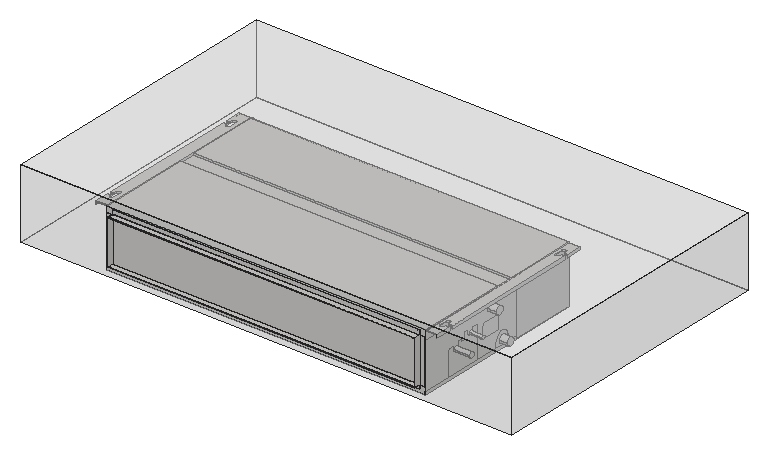
Revit family "outputfile", category 機械設備, Revit 2024
Family settings
  丸型コネクタ寸法 = 半径を使用
  パーツ タイプ = 標準
  OmniClass 番号 = 23.75.10.24.21.27.27
  OmniClass タイトル = Split System Air Conditioning Units
  作業面ベース = いいえ
  常に垂直 = はい
  ロード時にボイドで切り取り = いいえ
  注釈の向きを維持 = いいえ
  共有 = いいえ
  部屋計算ポイント = はい
Parameters (values of type "FXDQ63NDVM")
  書き出し IFC クラス(タイプ) = "IfcUnitaryEquipmentType"
  定義済み IFC タイプ(タイプ) = "AIRCONDITIONINGUNIT"
  ld_powersupply = Depth / 2  # 310.0 mm
  製造元 = "Daikin"
  モデル = "FXDQ63NDVM"
  r_Liquid Pipe Size = Liquid Pipe Size / 2  # 4.75 mm
  r_Gas Pipe Size = Gas Pipe Size / 2  # 7.95 mm
  r_Drain Pipe Size = Drain Pipe Size / 2  # 13.0 mm
  lw_powersupply = 50.0 mm  # constant formula
  lw_ductflange2 = 1020.0 mm
  lw_Width = 1060.0 mm
  lh_suctionflange [instance] = 100.0 mm  # constant formula
  ld_suctionflange [instance] = if(Rear Connection_Return Air, 190.0 mm, 100.0 mm)  # 190.0 mm
  angle_vertical_RA [instance] = if(Rear Connection_Return Air, 90.00°, 0.00°)  # 90.00°
  angle horizontal_RA [instance] = if(Rear Connection_Return Air, 180.00°, 270.00°)  # 180.00°
  Voltage_comment_60Hz = "220-240"
  Voltage_comment_50Hz = "220-240"
  Voltage_60Hz = 220 V
  Voltage_50Hz = 220 V
  Supply Air Direction [instance] = yes
  Rear Connection_Return Air [instance] = not(Bottom Connection_Return Air)  # yes
  RA_length [instance] = if(Rear Connection_Return Air, 190.0 mm, 100.0 mm)  # 190.0 mm
  Phase_60Hz = 1
  Phase_50Hz = 1
  Minimum External Static Pressure = 15.00 Pa
  Minimum Circuit Amps_60Hz = 1.1 A
  Minimum Circuit Amps_50Hz = 1.1 A
  Maximum Fuse Amps_60Hz = 16.0 A
  Maximum Fuse Amps_50Hz = 16.0 A
  Maximum External Static Pressure = 44.00 Pa
  Material_Casing = DAIKIN_GalvanizedSteel_Casing_indoorunit
  lw_liquidpipe = 46.0 mm  # constant formula
  lw_gaspipe = 57.0 mm  # constant formula
  lw_mountinghole = 1140.0 mm
  lw_drainpipe = 33.0 mm  # constant formula
  lh_powersupply = 150.0 mm  # constant formula
  lh_liquidpipe = 90.0 mm  # constant formula
  lh_gaspipe = 113.0 mm  # constant formula
  lh_mountinghole = Height  # 200.0 mm
  lh_drainpipe = 50.0 mm  # constant formula
  lh_antena = 1.0 mm  # constant formula
  ld_liquidpipe = 193.0 mm  # constant formula
  ld_gaspipe = 130.0 mm  # constant formula
  ld_mountinghole = 500.0 mm  # constant formula
  ld_drainpipe = 280.0 mm  # constant formula
  ld_controlbox = 626.0 mm  # constant formula
  h*** = 0.0 mm  # constant formula
  d_dischargeflange = 21.2 mm  # constant formula
  Width = 1100.0 mm
  Version = "ver.1.0"
  Unit Type = "Duct_Slim"
  Unit Mass Weight = 31.00 kg
  Unit Designation [instance] = ""
  Uniclass2015Version = "Products v1.30"
  Uniclass2015Title = "Variable refrigerant flow units"
  Uniclass2015Code = "Pr_70_65_03_94"
  Total Heating Capacity [instance] = 0.000 kW
  Total Cooling Capacity [instance] = 0.000 kW
  Sound Pressure Level_L speed (dBA) = 32
  Sound Pressure Level_H speed (dBA) = 34
  Series = "VRV Fan Coil Unit"
  Sensible Cooling Capacity [instance] = 0.000 kW
  SA Duct Size Width = 1060.0 mm
  SA Duct Size Height = 153.0 mm
  Refrigerant Type = "R410A"
  RA Duct Size Width = 980.0 mm
  RA Duct Size Height = 160.0 mm
  Power Input (Heating) = 0.168 kW
  Power Input (Cooling) = 0.181 kW
  Option Accessory 3 [instance] = ""
  Option Accessory 2 [instance] = ""
  Option Accessory 1 [instance] = ""
  Nominal Heating Capacity = 8.000 kW
  Nominal Cooling Capacity = 7.100 kW
  Minimum Airflow = 780.00 m³/h
  Median Airflow = 0.00 m³/h
  Maximum Airflow = 870.00 m³/h
  Load Classification = HVAC
  Liquid Pipe Size = 9.5 mm
  Link_Nested Family [instance] = ""
  IfcVersion = ""
  IfcExportType = "AIRCONDITIONINGUNIT"
  IfcExportAs = "IfcUnitaryEquipmentType"
  Height = 200.0 mm
  Heating Entering Wet Bulb Temperature [instance] = 0.00 °C
  Heating Entering Dry Bulb Temperature [instance] = 0.00 °C
  Heating Ambient Wet Bulb Temperature [instance] = 0.00 °C
  Heating Ambient Dry Bulb Temperature [instance] = 0.00 °C
  Heat Exchanger Type = "Cross Fin Coil"
  Gas Pipe Size = 15.9 mm
  Frequency_60Hz = 60 Hz
  Frequency_50Hz = 50 Hz
  Fan Type = "Sirocco Fan"
  Fan Drive = "Direct Drive"
  FCU Tag No. [instance] = ""
  Drain Pipe Size = 26.0 mm
  Design Supply Airflow [instance] = 0.00 m³/h
  Design Return Airflow [instance] = 0.00 m³/h
  Design External Static Pressure [instance] = 0.00 Pa
  Depth = 620.0 mm
  既定の高さ = 0.0 mm
  Cooling Entering Wet Bulb Temperature [instance] = 0.00 °C
  Cooling Entering Dry Bulb Temperature [instance] = 0.00 °C
  Cooling Ambient Wet Bulb Temperature [instance] = 0.00 °C
  Cooling Ambient Dry Bulb Temperature [instance] = 0.00 °C
  Clearance visibility [instance] = yes
  Clearance Top = 20.0 mm
  Clearance Right = 300.0 mm
  Clearance Rear = 400.0 mm
  Clearance Left = 300.0 mm
  Clearance Front = 0.0 mm
  Clearance Bottom = 20.0 mm
  Bottom Connection_Return Air [instance] = no
  1111 = 32.652 mm
Reference planes
  plane 1 "Center (Front/Back)": y = 0
  plane 2: z = 0
  plane 3 "Center (Left/Right)": x = 0
  plane 4 "Back": y = 310
  plane 5 "Front": y = -310
  plane 6 "Left": x = -550
  plane 7 "Right": x = 550
  plane 8 "Top": z = 0
  plane 9 "Bottom": z = -200
  plane 10: x = -570
  plane 11: x = 570
  plane 12: y = 250
  plane 13: z = 0
  plane 14 "Clearance Left": x = -850
  plane 15 "Clearance Right": x = 850
  plane 16 "Clearance Rear": y = 710
  plane 17 "Clearance Front": y = -310
  plane 18 "Clearance Top": z = 20
  plane 19 "Clearance Bottom": z = -220
  plane 20: y = -250
  plane 21: z = -21
  plane 22: z = -97.5
  plane 23: x = -40
  plane 24: y = 120
  plane 25: z = -100
  plane 26: y = -180
  plane 27: z = -113
  plane 28: y = -117
  plane 29: z = -90
  plane 30: y = 20
  plane 31: z = -170
  plane 32: x = 607
  plane 33: x = 596
  plane 34: x = 580
  plane 35: x = 500
  plane 36: z = -150
  plane 37: y = -30
  plane 38: z = -50
  plane 39: x = 583
Forms (mm)
  Extrusion 1, solid, material "DAIKIN_GalvanizedSteel_Casing_indoorunit" <- "Material_Casing"
    sketch origin (0, 0, 0) x (1, 0, 0) y (0, 1, 0)
      loop
        line (-550, -310) -> (550, -310) -> (550, 310) -> (-550, 310) -> (-550, -310)
    from -200 to 0
  Extrusion 2, void
    sketch origin (0, 0, 1) x (1, 0, 0) y (0, 1, 0)
      loop
        line (-550, 61.5) -> (-550, 3.5) -> (550, 3.5) -> (550, 61.5) -> (-550, 61.5)
    from -1 to -7
  Extrusion 3, solid, material "DAIKIN_GalvanizedSteel_Casing_indoorunit" <- "Material_Casing", visible <- "Bottom Connection_Return Air"
    sketch origin (0, 0, 0) x (1, 0, 0) y (0, 0, 1)
      loop
        line (-530, -180) -> (450, -180) -> (450, -20) -> (-530, -20) -> (-530, -180)
    from -310 to -309
  Extrusion 4, solid, material "DAIKIN_GalvanizedSteel_Casing_indoorunit" <- "Material_Casing", visible <- "Rear Connection_Return Air"
    sketch origin (0, 0, 0) x (1, 0, 0) y (0, 1, 0)
      loop
        line (-530, 290) -> (-530, 130) -> (450, 130) -> (450, 290) -> (-530, 290)
    from -200 to -199
  Extrusion 5, solid, material "DAIKIN_GalvanizedSteel_Casing_indoorunit" <- "Material_Casing"
    sketch origin (550, 0, 0) x (0, 1, 0) y (0, 0, 1)
      loop
        circle (-180, -113) r 7.95
    from 0 to 57
  Extrusion 6, solid, material "DAIKIN_GalvanizedSteel_Casing_indoorunit" <- "Material_Casing"
    sketch origin (550, 0, 0) x (0, 1, 0) y (0, 0, 1)
      loop
        circle (-117, -90) r 4.75
    from 0 to 46
  Extrusion 7, solid, material "DAIKIN_GalvanizedSteel_Casing_indoorunit" <- "Material_Casing"
    sketch origin (550, 0, 0) x (0, 1, 0) y (0, 0, 1)
      loop
        circle (20, -170) r 13
    from 0 to 30
  Extrusion 8, solid, material "DAIKIN_GalvanizedSteel_Casing_indoorunit" <- "Material_Casing"
    sketch origin (550, 0, 0) x (0, 1, 0) y (0, 0, 1)
      loop
        line (-310, -200) -> (78.6, -200) -> (78.6, -193)
        arc (78.6, -193) -> (77.721, -190.879) -> (75.6, -190) r 3
        line (75.6, -190) -> (-310, -190) -> (-310, -200)
    from 0 to -1
  Extrusion 9, solid, material "DAIKIN_GalvanizedSteel_Casing_indoorunit" <- "Material_Casing"
    sketch origin (550, 0, 0) x (0, 1, 0) y (0, 0, 1)
      loop
        line (-211.008, -190) -> (-86.594, -190) -> (-86.594, -80) -> (-105, -80) -> (-105, -90)
        arc (-105, -90) -> (-117, -102) -> (-129, -90) r 12
        line (-129, -90) -> (-129, -80) -> (-140.087, -80) -> (-140.087, -103.199) -> (-158.085, -103.199) -> (-158.085, -95.501) -> (-166.014, -95.501) -> (-166.014, -112.698) -> (-168.672, -112.698)
        arc (-168.672, -112.698) -> (-179.849, -124.331) -> (-191.332, -113) r 11.332
        line (-191.332, -113) -> (-191.332, -103.001) -> (-211.008, -103.001) -> (-211.008, -190)
    from 0 to -1
  Extrusion 10, solid, material "DAIKIN_GalvanizedSteel_Casing_indoorunit" <- "Material_Casing"
    sketch origin (550, 0, 0) x (0, 1, 0) y (0, 0, 1)
      loop
        arc (44.5, -170) -> (20, -145.5) -> (-4.5, -170) r 24.5
        line (-4.5, -170) -> (-4.5, -190) -> (44.5, -190) -> (44.5, -170)
    from 0 to -1
  Extrusion 11, solid, material "DAIKIN_GalvanizedSteel_Casing_indoorunit" <- "Material_Casing"
    sketch origin (550, 0, 0) x (0, 1, 0) y (0, 0, 1)
      loop
        arc (86.6, -22) -> (84.479, -22.879) -> (83.6, -25) r 3
        line (83.6, -25) -> (83.6, -194.5)
        arc (83.6, -194.5) -> (84.479, -196.621) -> (86.6, -197.5) r 3
        line (86.6, -197.5) -> (307, -197.5)
        arc (307, -197.5) -> (309.121, -196.621) -> (310, -194.5) r 3
        line (310, -194.5) -> (310, -25)
        arc (310, -25) -> (309.121, -22.879) -> (307, -22) r 3
        line (307, -22) -> (86.6, -22)
    from 0 to -1
  Extrusion 12, solid, material "DAIKIN_GalvanizedSteel_Casing_indoorunit" <- "Material_Casing"
    sketch origin (550, 475, 0) x (0, 1, 0) y (0, 0, 1)
      loop
        circle (-505, -50) r 13
    from 0 to 33
  Extrusion 13, solid, material "DAIKIN_GalvanizedSteel_Casing_indoorunit" <- "Material_Casing"
    sketch origin (550, 0, 75) x (0, 1, 0) y (0, 0, 1)
      loop
        line (-62, -165) -> (-62, -211) -> (2, -211) -> (2, -165) -> (-62, -165)
    from 0 to -1
Cuts and joins
  Extrusion 2 cuts Extrusion 1
Dimensions and locks
  "Height": plane 8 "Top" to plane 9 "Bottom"
  equal spacing: plane 10, plane 3 "Center (Left/Right)", plane 11
  "lw_mountinghole": plane 10 to plane 11
  equal spacing: plane 6 "Left", plane 3 "Center (Left/Right)", plane 7 "Right"
  "Width": plane 6 "Left" to plane 7 "Right"
  "Clearance Right": plane 7 "Right" to plane 15 "Clearance Right"
  "Clearance Left": plane 14 "Clearance Left" to plane 6 "Left"
  "Clearance Rear": plane 16 "Clearance Rear" to plane 4 "Back"
  "Clearance Front": plane 5 "Front" to plane 17 "Clearance Front"
  "Clearance Top": plane 18 "Clearance Top" to plane 8 "Top"
  "Clearance Bottom": plane 9 "Bottom" to plane 19 "Clearance Bottom"
  "Depth": plane 4 "Back" to plane 5 "Front"
  equal spacing: plane 4 "Back", plane 1 "Center (Front/Back)", plane 5 "Front"
  locked: plane 20 to plane 5 "Front" at 60
  "ld_mountinghole": plane 12 to plane 20
  locked: plane 8 "Top" to plane 21 at 21
  locked: plane 23 to plane 3 "Center (Left/Right)" at 40
  "ld_suctionflange": plane 4 "Back" to plane 24
  "lh_suctionflange": plane 8 "Top" to plane 25
  "ld_gaspipe": plane 26 to plane 5 "Front"
  "lh_gaspipe": plane 8 "Top" to plane 27
  "ld_liquidpipe": plane 28 to plane 5 "Front"
  "lh_liquidpipe": plane 8 "Top" to plane 29
  locked: plane 30 to plane 5 "Front" at 330
  locked: plane 8 "Top" to plane 31 at 170
  "lw_gaspipe": plane 7 "Right" to plane 32
  "lw_liquidpipe": plane 7 "Right" to plane 33
  locked: plane 7 "Right" to plane 34 at 30
  "lw_powersupply": plane 35 to plane 7 "Right"
  "lh_powersupply": plane 8 "Top" to plane 36
  "ld_drainpipe": plane 37 to plane 5 "Front"
  "lh_drainpipe": plane 8 "Top" to plane 38
  "lw_drainpipe": plane 7 "Right" to plane 39
  equal spacing: Extrusion 13 sketch curve, plane 37, Extrusion 13 sketch curve
  locked: Extrusion 13 sketch curve to Extrusion 13 sketch curve at 64
  locked: Extrusion 13 sketch curve to Extrusion 13 sketch curve at 46
  locked: Extrusion 13 sketch curve to plane 9 "Bottom" at 64
  "r_Gas Pipe Size": radius of Extrusion 5 sketch curve
  "r_Liquid Pipe Size": radius of Extrusion 6 sketch curve
  radius of Extrusion 7 sketch curve = 13.0 mm
  "r_Drain Pipe Size": radius of Extrusion 12 sketch curve
  aligned and locked: level to plane 2
  aligned and locked: Extrusion 1 to plane 9 "Bottom"
  aligned and locked: plane 8 "Top" to Extrusion 1
  aligned and locked: plane 11 to nested 2
  aligned and locked: plane 10 to nested 3
  aligned and locked: plane 10 to nested 4
  aligned and locked: plane 8 "Top" to Extrusion 2
  aligned and locked: plane 9 "Bottom" to Extrusion 4  (x2)
  aligned and locked: plane 7 "Right" to cut or joined group of Extrusion 1, Extrusion 2  (x2)
  aligned and locked: plane 3 "Center (Left/Right)" to nested 9
  aligned and locked: plane 6 "Left" to nested 7
  aligned and locked: plane 8 "Top" to nested 9
  aligned and locked: plane 11 to nested 1
  aligned and locked: nested 6 to plane 1 "Center (Front/Back)"
  aligned and locked: plane 3 "Center (Left/Right)" to nested 6
  aligned and locked: level to plane 8 "Top"
  aligned and locked: plane 1 "Center (Front/Back)" to nested 9
  aligned and locked: plane 5 "Front" to nested 10
  aligned and locked: Extrusion 1 sketch curve to plane 5 "Front"
  aligned and locked: plane 21 to nested 10
  aligned and locked: nested 5 to plane 5 "Front"
  aligned and locked: plane 3 "Center (Left/Right)" to nested 5
  aligned and locked: plane 22 to nested 5
  aligned and locked: Extrusion 2 sketch curve to plane 6 "Left"
  aligned and locked: plane 7 "Right" to Extrusion 2 sketch curve
  aligned and locked: nested 11 to plane 23
  aligned and locked: nested 11 to plane 24
  aligned and locked: plane 27 to Extrusion 5 sketch curve
  aligned and locked: plane 26 to Extrusion 5 sketch curve
  aligned and locked: plane 28 to Extrusion 6 sketch curve
  aligned and locked: plane 29 to Extrusion 6 sketch curve
  aligned and locked: plane 31 to Extrusion 7 sketch curve
  aligned and locked: plane 30 to Extrusion 7 sketch curve
  aligned and locked: plane 26 to nested 12
  aligned and locked: nested 12 to plane 27
  aligned and locked: plane 32 to Extrusion 5
  aligned and locked: plane 32 to nested 12
  aligned and locked: plane 33 to Extrusion 6
  aligned and locked: plane 28 to nested 13
  aligned and locked: nested 13 to plane 29
  aligned and locked: plane 33 to nested 13
  aligned and locked: plane 34 to Extrusion 7
  aligned and locked: plane 30 to nested 14
  aligned and locked: nested 14 to plane 31
  aligned and locked: plane 34 to nested 14
  aligned and locked: Extrusion 8 sketch curve to plane 9 "Bottom"
  aligned and locked: Extrusion 8 sketch curve to plane 5 "Front"
  aligned and locked: plane 14 "Clearance Left" to nested 15
  aligned and locked: plane 15 "Clearance Right" to nested 15
  aligned and locked: plane 16 "Clearance Rear" to nested 15
  aligned and locked: nested 15 to plane 17 "Clearance Front"
  aligned and locked: nested 15 to plane 18 "Clearance Top"
  aligned and locked: nested 15 to plane 19 "Clearance Bottom"
  aligned and locked: nested 16 to plane 35
  aligned and locked: nested 16 to plane 36
  aligned and locked: plane 4 "Back" to nested 16
  aligned and locked: plane 37 to Extrusion 12 sketch curve
  aligned and locked: plane 38 to Extrusion 12 sketch curve
  aligned and locked: plane 39 to Extrusion 12
  aligned and locked: Extrusion 4 sketch curve to nested 8  (x4)
  aligned and locked: Extrusion 3 sketch curve to nested 7  (x4)
Automatic sketch dimensions
  Extrusion 1 sketch curve to plane 4 "Back" = 0.0 mm
  Extrusion 1 sketch curve to plane 6 "Left" = 0.0 mm
  Extrusion 1 sketch curve to plane 7 "Right" = 0.0 mm
  Extrusion 2 sketch curve to plane 1 "Center (Front/Back)" = 3.5 mm
  plane 30 to Extrusion 2 sketch curve = 41.5 mm
  plane 9 "Bottom" to Extrusion 8 sketch curve = 7.0 mm
  Extrusion 8 sketch curve to plane 24 = 44.4 mm
  Extrusion 8 sketch curve to Extrusion 8 sketch curve = 3.0 mm
  Extrusion 9 sketch curve to plane 27 = 0.0 mm
  Extrusion 9 sketch curve to plane 26 = 0.0 mm
  Extrusion 9 sketch curve to plane 29 = 0.0 mm
  Extrusion 9 sketch curve to plane 28 = 0.0 mm
  Extrusion 9 sketch curve to Extrusion 9 sketch curve = 11.332 mm
  plane 9 "Bottom" to Extrusion 9 sketch curve = 10.0 mm
  Extrusion 9 sketch curve to plane 26 = 31.008 mm
  plane 27 to Extrusion 9 sketch curve = 0.302 mm
  Extrusion 9 sketch curve to Extrusion 9 sketch curve = 2.658 mm
  plane 22 to Extrusion 9 sketch curve = 1.999 mm
  Extrusion 9 sketch curve to Extrusion 9 sketch curve = 7.929 mm
  Extrusion 9 sketch curve to plane 25 = 3.199 mm
  Extrusion 9 sketch curve to Extrusion 9 sketch curve = 17.998 mm
  Extrusion 9 sketch curve to Extrusion 9 sketch curve = 11.087 mm
  plane 28 to Extrusion 9 sketch curve = 30.406 mm
  Extrusion 9 sketch curve to plane 25 = 3.001 mm
  plane 29 to Extrusion 9 sketch curve = 10.0 mm  (x2)
  Extrusion 10 sketch curve to plane 31 = 0.0 mm
  Extrusion 10 sketch curve to plane 30 = 0.0 mm
  plane 1 "Center (Front/Back)" to Extrusion 10 sketch curve = 4.5 mm
  plane 9 "Bottom" to Extrusion 10 sketch curve = 10.0 mm
  Extrusion 11 sketch curve to plane 4 "Back" = 0.0 mm
  Extrusion 11 sketch curve to Extrusion 11 sketch curve = 3.0 mm  (x2)
  Extrusion 11 sketch curve to plane 21 = 1.0 mm
  Extrusion 11 sketch curve to plane 4 "Back" = 3.0 mm
  Extrusion 11 sketch curve to plane 21 = 4.0 mm
  Extrusion 11 sketch curve to plane 24 = 33.4 mm
  plane 9 "Bottom" to Extrusion 11 sketch curve = 5.5 mm
Nested families
  nested 1: "daikin_mountinghole" at (570, 250, -200), l_antenna <- "lh_antena", Link_Nested Family <- "Link_Nested Family", h_mountinghole <- "lh_mountinghole", type "daikin_mountinghole"
    with show yes, l_antenna 1.0 mm, h_mountinghole 200.0 mm, Link_Nested Family ""
  nested 2: "daikin_mountinghole" at (570, -250, -200), Link_Nested Family <- "Link_Nested Family", l_antenna <- "lh_antena", h_mountinghole <- "lh_mountinghole", type "daikin_mountinghole"
    with show yes, l_antenna 1.0 mm, h_mountinghole 200.0 mm, Link_Nested Family ""
  nested 3: "daikin_mountinghole" at (-570, -250, -200), l_antenna <- "lh_antena", Link_Nested Family <- "Link_Nested Family", h_mountinghole <- "lh_mountinghole", type "daikin_mountinghole"
    with show yes, l_antenna 1.0 mm, h_mountinghole 200.0 mm, Link_Nested Family ""
  nested 4: "daikin_mountinghole" at (-570, 250, -200), l_antenna <- "lh_antena", Link_Nested Family <- "Link_Nested Family", h_mountinghole <- "lh_mountinghole", type "daikin_mountinghole"
    with show yes, l_antenna 1.0 mm, h_mountinghole 200.0 mm, Link_Nested Family ""
  nested 5: "daikin_connector_rotate2" at (0, -310, -97.5), length <- "d_dischargeflange", type "daikin_connector_rotate2"
    with radius 10.0 mm, length 21.2 mm, angle_vertical 90.00°, show_face no
  nested 6: "daikin_△_symbolicline" at (-75, -129.904, 200) x (-0.5, 0.866, 0) z (0, 0, 1), built-in parameter 1001364 <- "Height", visible <- "Supply Air Direction", type "daikin_△_symbolicline"
    with length 300.0 mm
  nested 7: "daikin_ductflange_FXDQ-NDVM_1" at (-40, 310, -100), visible <- "Rear Connection_Return Air", material <- "Material_Casing", width <- "lw_ductflange2", type "daikin_ductflange_FXDQ-NDVM_1"
    with width 1020.0 mm, material DAIKIN_GalvanizedSteel_Casing_indoorunit, height 180.0 mm, depth 21.2 mm
  nested 8: "daikin_ductflange_FXDQ-NDVM_1" at (-40, 210, -200) x (1, 0, 0) z (0, 1, 0), visible <- "Bottom Connection_Return Air", material <- "Material_Casing", width <- "lw_ductflange2", type "daikin_ductflange_FXDQ-NDVM_1"
    with width 1020.0 mm, material DAIKIN_GalvanizedSteel_Casing_indoorunit, height 180.0 mm, depth 21.2 mm
  nested 9: "daikin_hangerfixture_FXDQ-NDVM" at (0, 0, 0), type "daikin_hangerfixture_FXDQ-NDVM"
    with width 1100.0 mm
  nested 10: "daikin_ductflange_FXDQ-NDVM" at (0, 3.5, -364.201), width <- "lw_Width", material <- "Material_Casing", type "daikin_ductflange_FXDQ-NDVM"
    with width 1060.0 mm, material DAIKIN_GalvanizedSteel_Casing_indoorunit, height 155.0 mm, depth 21.2 mm
  nested 11: "daikin_connector_rotate3" at (-40, 120, -100), length <- "RA_length", angle_vertical <- "angle_vertical_RA", angle_horizontal <- "angle horizontal_RA", type "daikin_connector_rotate3"
    with show no, radius 10.0 mm, length 190.0 mm, angle_vertical 90.00°, angle_horizontal 180.00°
  nested 12: "daikin_connector_rotate2" at (550, -180, -113) x (0, 1, 0) z (0, 0, 1), length <- "lw_gaspipe", radius <- "r_Gas Pipe Size", type "daikin_connector_rotate2"
    with radius 7.95 mm, length 57.0 mm, angle_vertical 90.00°, show_face no
  nested 13: "daikin_connector_rotate2" at (550, -117, -90) x (0, 1, 0) z (0, 0, 1), radius <- "r_Liquid Pipe Size", length <- "lw_liquidpipe", type "daikin_connector_rotate2"
    with radius 4.75 mm, length 46.0 mm, angle_vertical 90.00°, show_face no
  nested 14: "daikin_connector_rotate2" at (547, 20, -170) x (0, 1, 0) z (0, 0, 1), radius <- "r_Drain Pipe Size", length <- "lw_drainpipe", type "daikin_connector_rotate2"
    with radius 13.0 mm, length 33.0 mm, angle_vertical 90.00°, show_face no
  nested 15: "daikin_clearancespace" at (0, 200, -99.881), visible <- "Clearance visibility", Link_Nested Family <- "Link_Nested Family", show <- "Clearance visibility", type "daikin_clearancespace"
    with width 1700.0 mm, show yes, height 240.0 mm, depth 1020.0 mm, Link_Nested Family ""
  nested 16: "daikin_connector_rotate2" at (500, 0, -150) x (-1, 0, 0) z (0, 0, 1), length <- "ld_powersupply", type "daikin_connector_rotate2"
    with radius 10.0 mm, length 310.0 mm, angle_vertical 90.00°, show_face no
Connectors
  hvac at (0, -331.2, -97.5), driven by "SA Duct Size Height", driven by "SA Duct Size Width"
    settings: on nested 5, index 1, duct flow 0.00 m³/h, flow factor 0, pres drop 0.00 Pa, loss coef 0, conn angle 0.00°, conn width 1060.0 mm, conn height 153.0 mm, conn diameter 609.6 mm, duct sys type 1, conn prof type 1, flow config 0, flow direction 2, loss method 4, conn ref index -1, conn util no, is conn primary yes, conn desc "SA Duct"
  hvac at (-40, 310, -100), driven by "RA Duct Size Height", driven by "RA Duct Size Width"
    settings: on nested 11, index 2, duct flow 0.00 m³/h, flow factor 0, pres drop 0.00 Pa, loss coef 0, conn angle 0.00°, conn width 980.0 mm, conn height 160.0 mm, conn diameter 609.6 mm, duct sys type 2, conn prof type 1, flow config 0, flow direction 1, loss method 4, conn ref index -1, conn util no, is conn primary no, conn desc "RA Duct"
  piping at (607, -180, -113), diameter 15.9, driven by "r_Gas Pipe Size"
    settings: on nested 12, index 3, connector inside diameter 609.6 mm, connector length 0.0 mm, flow factor 0, pipe flow 0.00 m³/h, pressure drop 0.0 Pa, fitting loss kfactor 0, connector angle 0.00°, fixture units 0, engagement length 0.0 mm, angle of deflection 0.00°, flow configuration 1, flow direction 2, fitting loss method 0, system type 29, joint type 0, gender type 0, connector reference index -1, connector utility 0, adjustable connector no, is connector primary yes, connector description "Refrigerant Gas Piping"
  piping at (596, -117, -90), diameter 9.5, driven by "r_Liquid Pipe Size"
    settings: on nested 13, index 4, connector inside diameter 609.6 mm, connector length 0.0 mm, flow factor 0, pipe flow 0.00 m³/h, pressure drop 0.0 Pa, fitting loss kfactor 0, connector angle 0.00°, fixture units 0, engagement length 0.0 mm, angle of deflection 0.00°, flow configuration 1, flow direction 1, fitting loss method 0, system type 29, joint type 0, gender type 0, connector reference index -1, connector utility 0, adjustable connector no, is connector primary no, connector description "Refrigerant Liquid Piping"
  electrical at (500, 310, -150), driven by "Load Classification"
    settings: on nested 16, index 6, voltage 0 V, apparent load 0 VA, apparent load phase1 0 VA, apparent load phase2 0 VA, apparent load phase3 0 VA, power factor 1, load classification "HVAC", number of poles 1, system type 30, power factor state 1, is connector primary yes, connector utility no, sub classification motor no, connector description "Power Supply"
  piping at (583, -30, -50), diameter 26, driven by "r_Drain Pipe Size"
    settings: on Extrusion 12, index 7, connector inside diameter 609.6 mm, connector length 0.0 mm, flow factor 0, pipe flow 0.00 m³/h, pressure drop 0.0 Pa, fitting loss kfactor 0, connector angle 0.00°, fixture units 0, engagement length 0.0 mm, angle of deflection 0.00°, flow configuration 1, flow direction 2, fitting loss method 4, system type 16, joint type 0, gender type 0, connector reference index -1, connector utility 0, adjustable connector no, is connector primary no, connector description "Condensate Drain Piping"
Definition of nested family "daikin_ductflange_FXDQ-NDVM_1"
  Parameters (values of type "daikin_ductflange_CDKM-PVM_1")
    width [instance] = 620.0 mm
    material [instance] = none
    height [instance] = 180.0 mm
    depth [instance] = 21.2 mm
    Default Elevation = 0.0 mm
  Reference planes
    plane 1 "Center (Front/Back)": y = 0
    plane 2: z = 0
    plane 3 "Center (Left/Right)": x = 0
    plane 4: x = -310
    plane 5: x = 310
    plane 6: z = 90
    plane 7: z = -90
    plane 8: z = 100
    plane 9: z = -100
    plane 10: x = -309
    plane 11: x = 309
  Forms (mm)
    Extrusion 1, solid, material <- "material"
      sketch origin (0, 0, 0) x (1, 0, 0) y (0, 0, 1)
        loop
          line (-290, 80) -> (-290, -80) -> (290, -80) -> (290, 80) -> (-290, 80)
        loop
          line (-309, -99) -> (309, -99) -> (309, 99) -> (-309, 99) -> (-309, -99)
      from 0 to 1
  Dimensions and locks
    equal spacing: plane 5, plane 3 "Center (Left/Right)", plane 4, locked at 310 each
    "width": plane 5 to plane 4
    equal spacing: plane 6, level, plane 7, locked at 90 each
    "height": plane 6 to plane 7
    equal spacing: plane 8, level, plane 9, locked at 100 each
    locked: plane 8 to plane 9 at 200
    plane 10 to plane 4 = 1.0 mm
    locked: plane 5 to plane 11 at 1
    locked: Extrusion 1 sketch curve to Extrusion 1 sketch curve at 19  (x4)
    locked: plane 8 to Extrusion 1 sketch curve at 1
    locked: Extrusion 1 sketch curve to plane 9 at 1
    aligned and locked: level to plane 2
  Automatic sketch dimensions
    plane 4 to Extrusion 1 sketch curve = 1.0 mm
    Extrusion 1 sketch curve to plane 5 = 1.0 mm
Definition of nested family "daikin_hangerfixture_FXDQ-NDVM"
  Parameters (values of type "daikin_hangerfixture_CDKS-EAVMA")
    width = 700.0 mm
    material = none
    height = 30.0 mm
    depth = 618.0 mm
    Default Elevation = 0.0 mm
  Reference planes
    plane 1 "Center (Front/Back)": y = 0
    plane 2: z = 0
    plane 3 "Center (Left/Right)": x = 0
    plane 4: x = 350
    plane 5: y = 309
    plane 6: y = -309
    plane 7: x = -350
    plane 8: z = -30
  Forms (mm)
    Extrusion 1, solid, material <- "material"
      sketch origin (0, 0, 0) x (1, 0, 0) y (0, 0, 1)
        loop
          line (350, 0) -> (350, -30) -> (352.3, -30) -> (352.3, -2.3) -> (387.7, -2.3) -> (387.7, -10) -> (390, -10) -> (390, 0) -> (350, 0)
      from -309 to 309
    Extrusion 2, void
      sketch origin (0, 0, 0) x (0, 1, 0) y (0, 0, 1)
        loop
          line (309, -30) -> (309, -17.979) -> (87.935, -17.979) -> (75.914, -30) -> (309, -30)
      from 0 to 450
    Extrusion 3, void
      sketch origin (0, 0, 0) x (1, 0, 0) y (0, 1, 0)
        loop
          line (390, -243.5) -> (377, -243.5) -> (377, -237)
          arc (377, -237) -> (370, -230) -> (363, -237) r 7
          line (363, -237) -> (363, -263)
          arc (363, -263) -> (370, -270) -> (377, -263) r 7
          line (377, -263) -> (377, -256.5) -> (390, -256.5) -> (390, -243.5)
        loop
          line (390, 243.5) -> (390, 256.5) -> (377, 256.5) -> (377, 263)
          arc (377, 263) -> (370, 270) -> (363, 263) r 7
          line (363, 263) -> (363, 237)
          arc (363, 237) -> (370, 230) -> (377, 237) r 7
          line (377, 237) -> (377, 243.5) -> (390, 243.5)
      from -254.96 to 618
    Extrusion 4, solid, material <- "material"
      sketch origin (0, 0, 0) x (-1, 0, 0) y (0, 0, -1)
        loop
          line (350, 0) -> (390, 0) -> (390, 10) -> (387.7, 10) -> (387.7, 2.3) -> (352.3, 2.3) -> (352.3, 30) -> (350, 30) -> (350, 0)
      from -309 to 309
    Extrusion 5, void
      sketch origin (0, 0, 0) x (-1, 0, 0) y (0, -1, 0)
        loop
          line (390, 243.5) -> (390, 256.5) -> (377, 256.5) -> (377, 263)
          arc (377, 263) -> (370, 270) -> (363, 263) r 7
          line (363, 263) -> (363, 237)
          arc (363, 237) -> (370, 230) -> (377, 237) r 7
          line (377, 237) -> (377, 243.5) -> (390, 243.5)
        loop
          line (390, -243.5) -> (377, -243.5) -> (377, -237)
          arc (377, -237) -> (370, -230) -> (363, -237) r 7
          line (363, -237) -> (363, -263)
          arc (363, -263) -> (370, -270) -> (377, -263) r 7
          line (377, -263) -> (377, -256.5) -> (390, -256.5) -> (390, -243.5)
      from -254.96 to 618
  Cuts and joins
    Extrusion 2, Extrusion 3, Extrusion 5 cuts Extrusion 1
    Extrusion 5 cuts Extrusion 4
  Dimensions and locks
    equal spacing: plane 5, plane 1 "Center (Front/Back)", plane 6
    "depth": plane 5 to plane 6
    plane 6 to plane 1 "Center (Front/Back)" to plane 5 = 309.0 mm, 309.0 mm
    equal spacing: plane 4, plane 3 "Center (Left/Right)", plane 7
    "width": plane 4 to plane 7
    "height": level to plane 8
    aligned and locked: level to plane 2
    aligned and locked: plane 5 to Extrusion 1
    aligned and locked: Extrusion 1 to plane 6
    aligned and locked: Extrusion 1 to plane 4
    aligned and locked: plane 5 to cut or joined group of Extrusion 1, Extrusion 2, Extrusion 3, Extrusion 5
    aligned and locked: cut or joined group of Extrusion 1, Extrusion 2, Extrusion 3, Extrusion 5 to plane 6
    aligned and locked: level to cut or joined group of Extrusion 1, Extrusion 2, Extrusion 3, Extrusion 5
    aligned and locked: cut or joined group of Extrusion 1, Extrusion 2, Extrusion 3, Extrusion 5 to plane 8
    aligned and locked: plane 5 to cut or joined group of Extrusion 4, Extrusion 5
    aligned and locked: cut or joined group of Extrusion 4, Extrusion 5 to plane 6
  Automatic sketch dimensions
    Extrusion 1 sketch curve to plane 4 = 0.0 mm
    Extrusion 1 sketch curve to plane 8 = 0.0 mm
    Extrusion 1 sketch curve to level = 0.0 mm
    plane 4 to Extrusion 1 sketch curve = 2.3 mm
    Extrusion 1 sketch curve to level = 2.3 mm
    Extrusion 1 sketch curve to Extrusion 1 sketch curve = 35.4 mm
    Extrusion 1 sketch curve to Extrusion 1 sketch curve = 2.3 mm
    Extrusion 1 sketch curve to Extrusion 1 sketch curve = 7.7 mm
    Extrusion 2 sketch curve to plane 8 = 0.0 mm
    Extrusion 2 sketch curve to plane 5 = 0.0 mm
    plane 8 to Extrusion 2 sketch curve = 12.021 mm
    Extrusion 2 sketch curve to plane 1 "Center (Front/Back)" = 87.935 mm
    Extrusion 2 sketch curve to Extrusion 2 sketch curve = 12.021 mm
    plane 4 to Extrusion 3 sketch curve = 13.0 mm  (x2)
    Extrusion 3 sketch curve to Extrusion 3 sketch curve = 7.0 mm  (x4)
    Extrusion 3 sketch curve to Extrusion 3 sketch curve = 13.0 mm  (x4)
    plane 6 to Extrusion 3 sketch curve = 46.0 mm
    Extrusion 3 sketch curve to Extrusion 3 sketch curve = 6.5 mm  (x4)
    Extrusion 3 sketch curve to plane 5 = 72.0 mm
    Extrusion 4 sketch curve to plane 7 = 0.0 mm
    Extrusion 4 sketch curve to plane 8 = 0.0 mm
    Extrusion 4 sketch curve to level = 0.0 mm
    Extrusion 4 sketch curve to plane 7 = 2.3 mm
    Extrusion 4 sketch curve to level = 2.3 mm
    Extrusion 4 sketch curve to Extrusion 4 sketch curve = 35.4 mm
    Extrusion 4 sketch curve to Extrusion 4 sketch curve = 2.3 mm
    Extrusion 4 sketch curve to Extrusion 4 sketch curve = 7.7 mm
    Extrusion 5 sketch curve to plane 7 = 13.0 mm  (x2)
    Extrusion 5 sketch curve to Extrusion 5 sketch curve = 7.0 mm  (x4)
    Extrusion 5 sketch curve to Extrusion 5 sketch curve = 13.0 mm  (x4)
    Extrusion 5 sketch curve to plane 5 = 46.0 mm
    Extrusion 5 sketch curve to Extrusion 5 sketch curve = 6.5 mm  (x4)
    plane 6 to Extrusion 5 sketch curve = 72.0 mm
Definition of nested family "daikin_ductflange_FXDQ-NDVM"
  Parameters (values of type "daikin_ductflange_CDKM-PVM")
    width [instance] = 660.0 mm
    material [instance] = none
    height [instance] = 155.0 mm
    depth [instance] = 21.2 mm
    Default Elevation = 0.0 mm
  Reference planes
    plane 1 "Center (Front/Back)": y = 0
    plane 2: z = 189.201
    plane 3 "Center (Left/Right)": x = 0
    plane 4: y = -313.5
    plane 5: x = -330
    plane 6: x = 330
    plane 7: y = -334.7
    plane 8: z = 344.201
    plane 9: z = 266.701
    plane 10: z = 343.201
    plane 11: z = 190.201
  Forms (mm)
    Extrusion 1, solid, material <- "material"
      sketch origin (0, 0, 189.201) x (1, 0, 0) y (0, 1, 0)
        loop
          line (-330, -334.7) -> (-330, -313.5) -> (-349, -313.5) -> (-349, -314.5) -> (-331, -314.5) -> (-331, -334.7) -> (-330, -334.7)
        loop
          line (330, -334.7) -> (331, -334.7) -> (331, -314.5) -> (349, -314.5) -> (349, -313.5) -> (330, -313.5) -> (330, -334.7)
      from 1 to 154
    Extrusion 2, solid, material <- "material"
      sketch origin (0, 0, 0) x (0, 1, 0) y (0, 0, 1)
        loop
          line (-313.5, 343.201) -> (-313.5, 358.201) -> (-314.5, 358.201) -> (-314.5, 344.201) -> (-334.7, 344.201) -> (-334.7, 343.201) -> (-313.5, 343.201)
        loop
          line (-313.5, 190.201) -> (-334.7, 190.201) -> (-334.7, 189.201) -> (-314.5, 189.201) -> (-314.5, 175.201) -> (-313.5, 175.201) -> (-313.5, 190.201)
      from -330 to 330
  Dimensions and locks
    plane 4 to plane 1 "Center (Front/Back)" = 313.5 mm
    "depth": plane 7 to plane 4
    equal spacing: plane 8, plane 9, level
    "height": plane 8 to level
    equal spacing: plane 6, plane 3 "Center (Left/Right)", plane 5
    "width": plane 6 to plane 5
    locked: plane 8 to plane 10 at 1
    locked: plane 11 to level at 1
    locked: Extrusion 1 to Extrusion 2 sketch curve at 1
    locked: Extrusion 2 sketch curve to Extrusion 1 at 1
    plane 10 to plane 11 = 153.0 mm
    aligned and locked: level to plane 2
    aligned and locked: Extrusion 2 to plane 5
    aligned and locked: Extrusion 2 to plane 11
    aligned and locked: Extrusion 2 to plane 10
    aligned and locked: plane 6 to Extrusion 2
    aligned and locked: plane 5 to Extrusion 2  (x2)
    aligned and locked: plane 5 to Extrusion 1  (x2)
    aligned and locked: Extrusion 1 to plane 6
    aligned and locked: plane 6 to Extrusion 1
    aligned and locked: Extrusion 1 to plane 10
  Automatic sketch dimensions
    Extrusion 2 sketch curve to plane 7 = 0.0 mm  (x2)
    Extrusion 2 sketch curve to plane 4 = 0.0 mm  (x2)
    Extrusion 2 sketch curve to plane 11 = 0.0 mm
    Extrusion 2 sketch curve to plane 10 = 0.0 mm
    Extrusion 2 sketch curve to plane 4 = 1.0 mm  (x2)
    Extrusion 2 sketch curve to level = 14.0 mm
    plane 8 to Extrusion 2 sketch curve = 14.0 mm
    Extrusion 1 sketch curve to plane 4 = 0.0 mm  (x2)
    Extrusion 1 sketch curve to plane 7 = 0.0 mm  (x2)
    Extrusion 1 sketch curve to plane 5 = 0.0 mm
    Extrusion 1 sketch curve to plane 6 = 0.0 mm
    Extrusion 1 sketch curve to plane 5 = 1.0 mm
    Extrusion 1 sketch curve to Extrusion 1 sketch curve = 18.0 mm  (x2)
    Extrusion 1 sketch curve to Extrusion 1 sketch curve = 1.0 mm
    Extrusion 1 sketch curve to plane 4 = 1.0 mm  (x2)
Definition of nested family "daikin_clearancespace"
  Parameters (values of type "daikin_clearancespace")
    Description = "daikin_clearancespace"
    width [instance] = 1823.963 mm
    show [instance] = yes
    material = none
    height [instance] = 1359.762 mm
    depth [instance] = 880.0 mm
    Default Elevation = 0.0 mm
    Link_Nested Family [instance] = ""
  Reference planes
    plane 1 "Center (Front/Back)": y = 0
    plane 2 "Center (Elevation)": z = -0.119
    plane 3 "Center (Left/Right)": x = 0
    plane 4: y = 440
    plane 5: y = -440
    plane 6 "Right": x = 911.982
    plane 7 "Left": x = -911.982
    plane 8 "Top": z = 679.762
    plane 9 "Bottom": z = -680
  Forms (mm)
    Extrusion 1, solid, material <- "material", visible <- "show"
      sketch origin (0, 0, 0) x (1, 0, 0) y (0, 1, 0)
        loop
          line (-911.982, 440) -> (-911.982, -440) -> (911.982, -440) -> (911.982, 440) -> (-911.982, 440)
      from -680 to 679.762
  Lines and regions (mm)
    symbolic lines, visible <- "show"
      curve 1: line (911.982, 440, 0) -> (-911.982, 440, 0)
      curve 2: line (-911.982, 440, 0) -> (-911.982, -440, 0)
      curve 3: line (-911.982, -440, 0) -> (911.982, -440, 0)
      curve 4: line (911.982, -440, 0) -> (911.982, 440, 0)
      curve 5: line (911.982, 0, 679.762) -> (-911.982, 0, 679.762)
      curve 6: line (911.982, 0, -680) -> (911.982, 0, 679.762)
      curve 7: line (-911.982, 0, -680) -> (911.982, 0, -680)
      curve 8: line (-911.982, 0, 679.762) -> (-911.982, 0, -680)
      curve 9: line (0, 440, 679.762) -> (0, -440, 679.762)
      curve 10: line (0, -440, 679.762) -> (0, -440, -680)
      curve 11: line (0, 440, -680) -> (0, 440, 679.762)
      curve 12: line (0, -440, -680) -> (0, 440, -680)
  Dimensions and locks
    "width": plane 7 "Left" to plane 6 "Right"
    "depth": plane 4 to plane 5
    "height": plane 8 "Top" to plane 9 "Bottom"
    equal spacing: plane 7 "Left", plane 3 "Center (Left/Right)", plane 6 "Right"
    equal spacing: plane 4, plane 1 "Center (Front/Back)", plane 5
    equal spacing: plane 8 "Top", plane 2 "Center (Elevation)", plane 9 "Bottom"
    aligned and locked: level to plane 2 "Center (Elevation)"
    aligned and locked: Extrusion 1 sketch curve to plane 4
    aligned and locked: plane 7 "Left" to Extrusion 1 sketch curve
    aligned and locked: Extrusion 1 sketch curve to plane 5
    aligned and locked: Extrusion 1 sketch curve to plane 6 "Right"
    aligned and locked: plane 8 "Top" to Extrusion 1
    aligned and locked: curve 1 to Extrusion 1
    aligned and locked: curve 2 to Extrusion 1
    aligned and locked: curve 3 to Extrusion 1
    aligned and locked: curve 4 to Extrusion 1
    aligned and locked: curve 5 to Extrusion 1
    aligned and locked: curve 6 to Extrusion 1
    aligned and locked: curve 7 to Extrusion 1
    aligned and locked: curve 8 to Extrusion 1
    aligned and locked: curve 9 to Extrusion 1
    aligned and locked: curve 10 to Extrusion 1
    aligned and locked: curve 11 to Extrusion 1
    aligned and locked: curve 12 to Extrusion 1
    aligned and locked: Extrusion 1 to plane 9 "Bottom"
Definition of nested family "daikin_mountinghole"
  Parameters (values of type "daikin_mountinghole")
    Default Elevation = 1219.2 mm
    Type Comments = "mountinghole"
    show [instance] = yes
    material = none
    l_centerline = 100.0 mm
    l_antenna [instance] = 100.0 mm
    h_mountinghole [instance] = 0.0 mm
    d_circle = 30.0 mm
    Link_Nested Family [instance] = ""
  Reference planes
    plane 1 "Center (Front/Back)": y = 0
    plane 2: z = 0
    plane 3 "Center (Left/Right)": x = 0
    plane 4: y = 50
    plane 5: x = -50
    plane 6: x = 50
    plane 7: y = -50
    plane 8 "h_mountinghole": z = 0
    plane 9: z = 100
  Lines and regions (mm)
    model lines, detail levels fine
      curve 1: circle (0, 0, 0) r 15 normal (0, 0, 1)
      curve 2: line (-50, 0, 0) -> (50, 0, 0)
      curve 3: line (0, 50, 0) -> (0, -50, 0)
    symbolic lines, detail levels fine
      curve 4: circle (0, 0, 0) r 15 normal (0, 0, 1)
      curve 5: line (-50, 0, 0) -> (50, 0, 0)
      curve 6: line (0, 50, 0) -> (0, -50, 0)
    model lines
      curve 7: line (0, 0, 100) -> (0, 0, 0)
  Dimensions and locks
    equal spacing: plane 4, plane 1 "Center (Front/Back)", plane 7
    "l_centerline": plane 4 to plane 7
    equal spacing: plane 5, plane 3 "Center (Left/Right)", plane 6
    "l_centerline": plane 5 to plane 6
    "l_antenna": plane 9 to plane 8 "h_mountinghole"
    "h_mountinghole": plane 8 "h_mountinghole" to plane 2
    "d_circle": diameter of curve 1
    "d_circle": diameter of curve 4
    aligned and locked: level to plane 2
    aligned and locked: plane 1 "Center (Front/Back)" to curve 1
    aligned and locked: plane 3 "Center (Left/Right)" to curve 1
    aligned and locked: plane 1 "Center (Front/Back)" to curve 2
    aligned and locked: curve 3 to plane 3 "Center (Left/Right)"
    aligned and locked: plane 6 to curve 2
    aligned and locked: plane 5 to curve 2
    aligned and locked: plane 4 to curve 3
    aligned and locked: plane 7 to curve 3
    aligned and locked: plane 1 "Center (Front/Back)" to curve 4
    aligned and locked: plane 3 "Center (Left/Right)" to curve 4
    aligned and locked: plane 6 to curve 5
    aligned and locked: plane 5 to curve 5
    aligned and locked: plane 1 "Center (Front/Back)" to curve 5
    aligned and locked: plane 4 to curve 6
    aligned and locked: plane 7 to curve 6
    aligned and locked: curve 6 to plane 3 "Center (Left/Right)"
    aligned and locked: curve 7 to plane 3 "Center (Left/Right)"
    aligned and locked: plane 9 to curve 7
    aligned and locked: plane 8 "h_mountinghole" to curve 7
Definition of nested family "daikin_connector_rotate2"
  Parameters (values of type "daikin_connector_rotate2")
    show_face = yes
    radius [instance] = 10.0 mm
    length [instance] = 600.0 mm
    d_surface = 10.0 mm
    angle_vertical [instance] = 90.00°
    Default Elevation = 0.0 mm
  Reference planes
    plane 1 "Center (Front/Back)": y = 0
    plane 2: z = 0
    plane 3 "Center (Left/Right)": x = 0
  Forms (mm)
    Extrusion 1, solid, visible <- "show_face"
      sketch origin (0, -600, 0) x (1, 0, 0) y (0, 0, 1)
        loop
          circle (0, 0) r 10
      from 0 to -10
  Lines and regions (mm)
    reference lines
      curve 1: line (0, 0, 0) -> (0, -600, 0)
    symbolic lines
      curve 2: circle (0, 0, 0) r 5 normal (0, 0, 1)
    model lines, visible <- "show_face"
      curve 3: line (0, 0, 0) -> (0, -600, 0)
  Dimensions and locks
    "length": curve 1 to curve 1
    "length": curve 3 to curve 3
    "d_surface": Extrusion 1 to Extrusion 1
    "radius": radius of Extrusion 1 sketch curve
    "angle_vertical": angle curve 1 to plane 1 "Center (Front/Back)"
    "angle_vertical": angle curve 3 to plane 1 "Center (Front/Back)"
    aligned and locked: level to plane 2
    aligned and locked: plane 1 "Center (Front/Back)" to curve 1
    aligned and locked: plane 2 to curve 1
    aligned and locked: plane 1 "Center (Front/Back)" to curve 2
    aligned and locked: plane 3 "Center (Left/Right)" to curve 2
    aligned and locked: plane 1 "Center (Front/Back)" to curve 3
    aligned and locked: plane 2 to curve 3
    aligned and locked: Extrusion 1 to Extrusion 1
  Automatic sketch dimensions
    Extrusion 1 sketch curve to level = 0.0 mm
    Extrusion 1 sketch curve to plane 3 "Center (Left/Right)" = 0.0 mm
    radius of curve 2 = 5.0 mm
Definition of nested family "daikin_△_symbolicline"
  Parameters (values of type "daikin_△_symbolicline")
    length [instance] = 500.0 mm
    Default Elevation = 0.0 mm
  Reference planes
    plane 1 "Center (Front/Back)": y = 0
    plane 2: z = 0
    plane 3 "Center (Left/Right)": x = 0
  Lines and regions (mm)
    symbolic lines
      curve 1: line (0, -433.013, 0) -> (250, 0, 0)
      curve 2: line (250, 0, 0) -> (-250, 0, 0)
      curve 3: line (-250, 0, 0) -> (0, -433.013, 0)
  Dimensions and locks
    equal spacing: curve 3, plane 3 "Center (Left/Right)", curve 2
    "length": curve 3 to curve 2
    "length": curve 3 to curve 3
    "length": curve 1 to curve 1
    aligned and locked: level to plane 2
    aligned and locked: curve 2 to plane 1 "Center (Front/Back)"
    aligned and locked: plane 3 "Center (Left/Right)" to curve 3
Definition of nested family "daikin_connector_rotate3"
  Parameters (values of type "daikin_connector_rotate3")
    Default Elevation = 1219.2 mm
    show [instance] = yes
    radius [instance] = 10.0 mm
    length [instance] = 600.0 mm
    angle_horizontal [instance] = 60.00°
    angle_vertical [instance] = 90.00°
  Reference planes
    plane 1 "Center (Front/Back)": y = 0
    plane 2: z = 0
    plane 3 "Center (Left/Right)": x = 0
  Dimensions and locks
    "angle_horizontal": angle plane 3 "Center (Left/Right)" to nested 1
    aligned and locked: level to plane 2
    aligned and locked: plane 1 "Center (Front/Back)" to nested 1  (x2)
    aligned and locked: plane 3 "Center (Left/Right)" to nested 1
  Nested families
    nested 1: "daikin_connector_rotate2" at (0, 0, 0) x (0.5, 0.866, 0) z (0, 0, 1), angle_vertical <- "angle_vertical", length <- "length", radius <- "radius", type "daikin_connector_rotate2"
      with radius 10.0 mm, length 600.0 mm, angle_vertical 90.00°
  Definition of nested family "daikin_connector_rotate2"
    Parameters (values of type "daikin_connector_rotate2")
      show_face = yes
      radius [instance] = 10.0 mm
      length [instance] = 600.0 mm
      d_surface = 10.0 mm
      angle_vertical [instance] = 90.00°
      Default Elevation = 0.0 mm
    Reference planes
      plane 1 "Center (Front/Back)": y = 0
      plane 2: z = 0
      plane 3 "Center (Left/Right)": x = 0
    Forms (mm)
      Extrusion 1, solid, visible <- "show_face"
        sketch origin (0, -600, 0) x (1, 0, 0) y (0, 0, 1)
          loop
            circle (0, 0) r 10
        from 0 to -10
    Lines and regions (mm)
      reference lines
        curve 1: line (0, 0, 0) -> (0, -600, 0)
      symbolic lines
        curve 2: circle (0, 0, 0) r 5 normal (0, 0, 1)
      model lines, visible <- "show_face"
        curve 3: line (0, 0, 0) -> (0, -600, 0)
    Dimensions and locks
      "length": curve 1 to curve 1
      "length": curve 3 to curve 3
      "d_surface": Extrusion 1 to Extrusion 1
      "radius": radius of Extrusion 1 sketch curve
      "angle_vertical": angle curve 1 to plane 1 "Center (Front/Back)"
      "angle_vertical": angle curve 3 to plane 1 "Center (Front/Back)"
      aligned and locked: level to plane 2
      aligned and locked: plane 1 "Center (Front/Back)" to curve 1
      aligned and locked: plane 2 to curve 1
      aligned and locked: plane 1 "Center (Front/Back)" to curve 2
      aligned and locked: plane 3 "Center (Left/Right)" to curve 2
      aligned and locked: plane 1 "Center (Front/Back)" to curve 3
      aligned and locked: plane 2 to curve 3
      aligned and locked: Extrusion 1 to Extrusion 1
    Automatic sketch dimensions
      Extrusion 1 sketch curve to level = 0.0 mm
      Extrusion 1 sketch curve to plane 3 "Center (Left/Right)" = 0.0 mm
      radius of curve 2 = 5.0 mm
